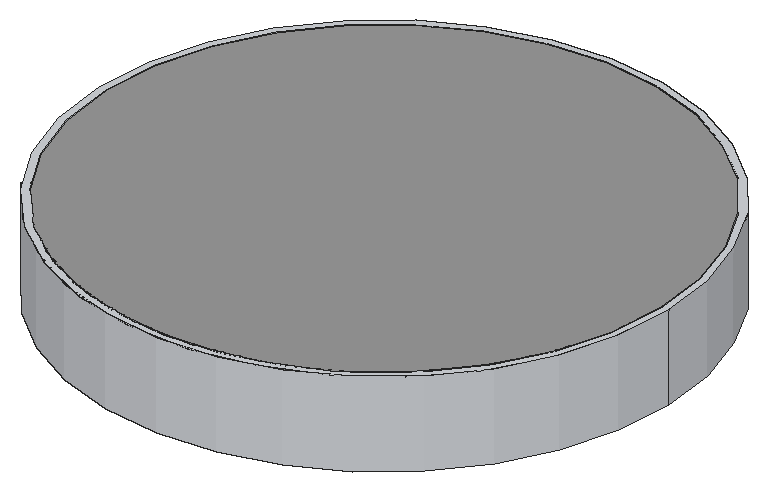
Revit family "2071110", category Lighting Fixtures, host Face, Revit 2018
Family settings
  Host = Face
  Round Connector Dimension = Use Diameter
  Part Type = Normal
  OmniClass Number = 23.80.70.00
  OmniClass Title = Lighting
  Cut with Voids When Loaded = No
  Light Source = Yes
  Shared = No
  Room Calculation Point = No
Parameters (values of type "2071110 COLOSSAL 400 830 PR DIR WHT SSC")
  iner diameter = 390 mm
  Weight = "n/a"
  Wattage Comments = ""
  Wattage = 30 W
  WarrantyStartDate [instance] = "n/a"
  WarrantyGuarantorParts = "n/a"
  WarrantyDurationUnit = "n/a"
  WarrantyDurationParts = ""
  WarrantyDescription = "http://www.sylvania-lighting.com"
  built-in parameter 1150110 = 1 (stored number, unit not read)
  Voltage = 230 V
  URL = "0.95"
  TypeName = "COLOSSAL 400mm 830 PRISM DIR WHITE SSC"
  Type Image = <None>
  Type Comments = "n/a"
  built-in parameter 1114217 = 1 (stored number, unit not read)
  Tilt Angle = -90.00°
  built-in parameter 1150109 = 1 (stored number, unit not read)
  built-in parameter 1150134 = (empty or 0)
  built-in parameter 1150113 = 1 (stored number, unit not read)
  SerialNumber [instance] = "n/a"
  Photometric Web File = "2071110.ies"
  Material_3_SYL = LED-Sylvania
  PowerFactor = 0
  PowerConsumption = "Lighting"
  NominalLength = 400 mm
  NominalHeight = 93 mm
  NominalDepth = 400 mm
  Name = "COLOSSAL 400mm 830 PRISM DIR WHITE SSC"
  ModelReference = Name  # "COLOSSAL 400mm 830 PRISM DIR WHITE SSC"
  ModelNumber = "2071110"
  Model = Name  # "COLOSSAL 400mm 830 PRISM DIR WHITE SSC"
  Material = "Feilo Sylvania"
  ManufacturerName = "116 lm/W"
  Manufacturer = ""
  LuminousEfficacy = ""
  built-in parameter 1150105 = 270.44 (stored number, unit not read)
  Lumens = 3398.4 lm
  LuminaireType = "0"
  built-in parameter 1150115 = 1 (stored number, unit not read)
  LightOutputRatio = "LED"
  built-in parameter 1150137 = (empty or 0)
  built-in parameter 1150139 = (empty or 0)
  LampsType = Lamp  # "n/a"
  LampNominalLuminous = "3000 K"
  LampMacAdamStep = "80"
  LampColourTemperature = "LED"
  LampColourRenderingIndex = "16500"
  built-in parameter 1150112 = 1 (stored number, unit not read)
  built-in parameter 1150114 = 1 (stored number, unit not read)
  Lamp = "n/a"
  Keynote = "n/a"
  InstallationDate [instance] = "n/a"
  InputVoltage = "0"
  InputNominalFrequency = "3000"
  built-in parameter 1150132 = (empty or 0)
  built-in parameter 1150102 = (empty or 0)
  built-in parameter 1150107 = 3000 (stored number, unit not read)
  built-in parameter 1150138 = (empty or 0)
  IngressProtection = "IfcLightFixtureType"
  ImpactProtectionIndex = "IfcLightFixtureType"
  built-in parameter 1150106 = 2.7044 (stored number, unit not read)
  IfcExportType = "IfcLightFixtureType"
  IfcExportAs = "Class I"
  Emit from Circle Diameter = 385 mm
  Emit Shape Visible in Rendering = no
  ElectricShockClassification = "116"
  built-in parameter 1150104 = 10.524 (stored number, unit not read)
  DocumentationLiterature = "http://www.sylvania-lighting.com/product/en-int/products/2071110"
  DimmingControlOptions = "n/a"
  Material_2_SYL = Polycarbonate_Sylvania_White
  Dimming Lamp Color Temperature Shift = <None>
  Description = "400mm diameter circular architectural luminaire, can be surface mounted or suspended. Powder coated aluminium housing (RAL9016) with PMMA prismatic diffuser. Direct light distribution, 1845lm luminuous flux, 15.9W system power, 116lm/W luminiaire efficacy. Sylsmart Standalone enabled. Colour rendering index Ra >80, 3000K Warm White LED, chromaticity tolerance of 3-step MacAdam ellipse. IP40, IK03. 350mA drive current. UGR≤19. Electrical protection Class1, 220-240V. Reported lifetime 66k hours L90B10."
  Default Elevation = 1219.2 mm
  CreatedOn = "22/03/2022"
  CreatedBy = "@sylvania-lighting.com"
  Cost = 0
  Color Filter = 16777215
  built-in parameter 1114216 [instance] = (empty or 0)
  ClassificationValue = "EF_70_80"
  ClassificationName = "Uniclass2015"
  Material_1_SYL = Polycarbonate_Sylvania_Opal
  BarCode [instance] = "n/a"
  built-in parameter 1114218 = 1 (stored number, unit not read)
  built-in parameter 1150133 = 10 (stored number, unit not read)
  AssetType = "Fixed"
  AssetIdentifier [instance] = "n/a"
  Assembly Code = "D5020200"
  Apparent Load = 15.9 VA
  Material_4_SYL = none
Reference planes
  plane 1 "Center (Front/Back)": y = 0
  plane 2: z = 0
  plane 3 "Center (Left/Right)": x = 0
  plane 4: x = -200
  plane 5: x = 200
  plane 6: y = 200
  plane 7: y = -200
  plane 8: y = 236
  plane 9: y = -236
  plane 10: z = 93
  plane 11: y = 195
  plane 12: y = -195
  plane 13: y = 90.5
  plane 14: y = 144.5
  plane 15: through (52.25, 90.5, 1219.2) normal (0.866, 0.5, 0)
  plane 16: through (52.25, 90.5, 1219.2) normal (0.866, 0.5, 0)
  plane 17: through (63.706, 126.657, 1219.2) normal (0.866, 0.5, 0)
  plane 18: through (-104.5, 0, 1219.2) normal (-0.866, 0.5, 0)
  plane 19: through (-142.394, -9.633, 1219.2) normal (-0.866, 0.5, 0)
  plane 20: y = -90.5
  plane 21: y = -118.5
  plane 22: through (85.371, -141.133, 1219.2) normal (-0.866, 0.5, 0)
  plane 23: through (52.25, -90.5, 1219.2) normal (-0.866, 0.5, 0)
  plane 24: through (-161.658, 0, 1219.2) normal (0.866, 0.5, 0)
  plane 25: through (-172.12, 9.121, 1219.2) normal (0.866, 0.5, 0)
  plane 26: through (-104.5, 0, 1219.2) normal (0.866, 0.5, 0)
Forms (mm)
  Extrusion 1, solid, detail levels medium+fine
    sketch origin (0, 0, 0) x (1, 0, 0) y (0, 1, 0)
      loop
        circle (0, 0) r 200
    from 33.023 to 93
  Extrusion 2, void
    sketch origin (0, 0, 0) x (1, 0, 0) y (0, 1, 0)
      loop
        circle (0, 0) r 195
    from 93 to 37.292
  Extrusion 3, solid, material "Glass, White, High Luminance", detail levels fine
    sketch origin (0, 0, 0) x (1, 0, 0) y (0, 1, 0)
      loop
        circle (0, 0) r 195
    from 88.026 to 93
  Extrusion 4, solid, detail levels coarse
    sketch origin (0, 0, 0) x (1, 0, 0) y (0, 1, 0)
      loop
        line (-200, 200) -> (-200, -200) -> (200, -200) -> (200, 200) -> (-200, 200)
    from 0 to 93
  Blend 5, solid, detail levels medium+fine
    base sketch origin (0, 0, 0) x (1, 0, 0) y (0, 1, 0)
      loop
        line (-52.25, 90.5) -> (-104.5, 0) -> (-52.25, -90.5) -> (52.25, -90.5) -> (104.5, 0) -> (52.25, 90.5) -> (-52.25, 90.5)
    top sketch origin (0, 0, 0) x (1, 0, 0) y (0, 1, 0)
      loop
        line (-53.405, 144.5) -> (-149.245, -21.5) -> (-93.242, -118.5) -> (98.438, -118.5) -> (151.843, -26) -> (53.405, 144.5) -> (-53.405, 144.5)
    from 0 to 33.023
Cuts and joins
  Extrusion 2 cuts Extrusion 1
Dimensions and locks
  "NominalDepth": plane 6 to plane 7
  "NominalLength": plane 4 to plane 5
  equal spacing: plane 4, plane 3 "Center (Left/Right)", plane 5
  "iner diameter": plane 11 to plane 12
  equal spacing: plane 11, plane 1 "Center (Front/Back)", plane 12
  equal spacing: plane 6, plane 1 "Center (Front/Back)", plane 7
  "NominalHeight": plane 10 to level
  plane 19 to plane 18 = 28 mm
  radius of Extrusion 2 sketch curve = 195 mm
  aligned and locked: plane 2 to host face
  aligned and locked: level to host face
Automatic sketch dimensions
  host sketch curve to host sketch curve = 2438.4 mm  (x2)
  plane 1 "Center (Front/Back)" to Extrusion 1 sketch curve = 0 mm
  Extrusion 1 sketch curve to plane 3 "Center (Left/Right)" = 0 mm
  plane 1 "Center (Front/Back)" to Extrusion 2 sketch curve = 0 mm
  Extrusion 2 sketch curve to plane 3 "Center (Left/Right)" = 0 mm
  plane 1 "Center (Front/Back)" to Extrusion 3 sketch curve = 0 mm
  Extrusion 3 sketch curve to plane 3 "Center (Left/Right)" = 0 mm
  Extrusion 4 sketch curve to plane 4 = 0 mm
  Extrusion 4 sketch curve to plane 5 = 0 mm
  Extrusion 4 sketch curve to plane 7 = 0 mm
  Extrusion 4 sketch curve to plane 6 = 0 mm
  Blend 5 sketch curve to plane 19 = 0 mm  (x2)
  Blend 5 sketch curve to plane 24 = 0 mm  (x2)
  Blend 5 sketch curve to plane 21 = 0 mm
  Blend 5 sketch curve to plane 14 = 0 mm
  Blend 5 sketch curve to plane 17 = 0 mm  (x2)
  Blend 5 sketch curve to plane 22 = 0 mm  (x2)
  radius of Extrusion 1 sketch curve = 200 mm
  radius of Extrusion 3 sketch curve = 195 mm
Connectors
  electrical at (0, 0, 0), driven by "Apparent Load", driven by "PowerFactor", driven by "Voltage"
    settings: index 1, voltage 230 V, apparent load 15.9 VA, apparent load phase1 0 VA, apparent load phase2 0 VA, apparent load phase3 0 VA, power factor 0, load classification "Lighting", number of poles 1, system type 30, power factor state 1, is connector primary yes, connector utility no, sub classification motor no, connector description ""
